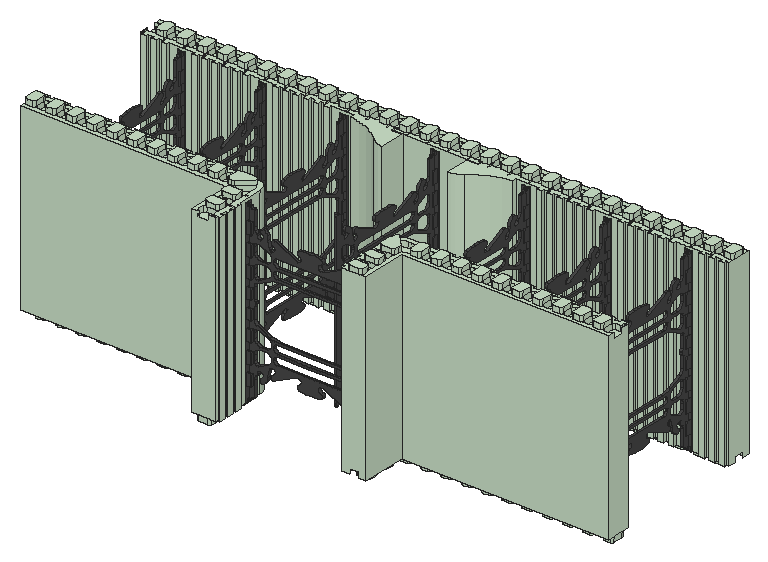
Revit family (continued)
Definition of nested family "12-inch Insert Web"
  Forms (mm)
    Extrusion 2, solid, material "High Density Polystyrene"
      sketch origin (0, 0, 0) x (0, 1, 0) y (0, 0, 1)
        loop
          arc (-76.789, 348.183) -> (-80.328, 348.292) -> (-83.853, 348.621) r 57.15
          arc (-83.853, 348.621) -> (-88.43, 345.096) -> (-91.44, 340.166) r 15.855
          line (-91.44, 340.166) -> (-91.44, 336.966)
          arc (-91.44, 336.966) -> (-87.76, 331.136) -> (-81.935, 327.448) r 15.684
          line (-81.935, 327.448) -> (0, 327.448) -> (81.935, 327.448)
          arc (81.935, 327.448) -> (87.76, 331.136) -> (91.44, 336.966) r 15.684
          line (91.44, 336.966) -> (91.44, 340.166)
          arc (91.44, 340.166) -> (88.43, 345.096) -> (83.853, 348.621) r 15.855
          arc (83.853, 348.621) -> (80.328, 348.292) -> (76.789, 348.183) r 57.15
        loop
          arc (103.837, 354.882) -> (98.504, 350.196) -> (96.52, 343.38) r 12.7
          line (96.52, 343.38) -> (96.52, 340.138)
          arc (96.52, 340.138) -> (100.24, 331.158) -> (109.22, 327.438) r 12.7
          line (109.22, 327.438) -> (123.825, 327.438)
          arc (123.825, 327.438) -> (135.05, 332.088) -> (139.7, 343.313) r 15.875
          line (139.7, 343.313) -> (139.7, 356.692)
          arc (139.7, 356.692) -> (135.287, 364.729) -> (126.138, 365.319) r 9.525
          line (126.138, 365.319) -> (103.837, 354.882)
        loop
          arc (139.7, 306.991) -> (135.05, 318.216) -> (123.825, 322.866) r 15.875
          line (123.825, 322.866) -> (109.22, 322.866)
          arc (109.22, 322.866) -> (100.24, 319.146) -> (96.52, 310.166) r 12.7
          line (96.52, 310.166) -> (96.52, 306.925)
          arc (96.52, 306.925) -> (98.504, 300.108) -> (103.837, 295.422) r 12.7
          line (103.837, 295.422) -> (126.138, 284.985)
          arc (126.138, 284.985) -> (135.287, 285.575) -> (139.7, 293.612) r 9.525
          line (139.7, 293.612) -> (139.7, 306.991)
        loop
          arc (83.851, 301.696) -> (88.429, 305.221) -> (91.44, 310.152) r 15.855
          line (91.44, 310.152) -> (91.44, 313.351)
          arc (91.44, 313.351) -> (87.752, 319.188) -> (81.915, 322.876) r 15.684
          line (81.915, 322.876) -> (0, 322.876) -> (-81.915, 322.876)
          arc (-81.915, 322.876) -> (-87.752, 319.188) -> (-91.44, 313.351) r 15.684
          line (-91.44, 313.351) -> (-91.44, 310.152)
          arc (-91.44, 310.152) -> (-88.429, 305.221) -> (-83.851, 301.696) r 15.855
          arc (-83.851, 301.696) -> (-80.337, 302.022) -> (-76.81, 302.131) r 57.15
          line (-76.81, 302.131) -> (0, 302.131) -> (76.81, 302.131)
          arc (76.81, 302.131) -> (80.337, 302.022) -> (83.851, 301.696) r 57.15
        loop
          line (-103.837, 354.882) -> (-126.138, 365.319)
          arc (-126.138, 365.319) -> (-135.287, 364.729) -> (-139.7, 356.692) r 9.525
          line (-139.7, 356.692) -> (-139.7, 343.313)
          arc (-139.7, 343.313) -> (-135.05, 332.088) -> (-123.825, 327.438) r 15.875
          line (-123.825, 327.438) -> (-109.22, 327.438)
          arc (-109.22, 327.438) -> (-100.24, 331.158) -> (-96.52, 340.138) r 12.7
          line (-96.52, 340.138) -> (-96.52, 343.38)
          arc (-96.52, 343.38) -> (-98.504, 350.196) -> (-103.837, 354.882) r 12.7
        loop
          line (-139.7, 306.991) -> (-139.7, 293.612)
          arc (-139.7, 293.612) -> (-135.287, 285.575) -> (-126.138, 284.985) r 9.525
          line (-126.138, 284.985) -> (-103.837, 295.422)
          arc (-103.837, 295.422) -> (-98.504, 300.108) -> (-96.52, 306.925) r 12.7
          line (-96.52, 306.925) -> (-96.52, 310.166)
          arc (-96.52, 310.166) -> (-100.24, 319.146) -> (-109.22, 322.866) r 12.7
          line (-109.22, 322.866) -> (-123.825, 322.866)
          arc (-123.825, 322.866) -> (-135.05, 318.216) -> (-139.7, 306.991) r 15.875
      from 3.175 to -3.175
    Extrusion 3, solid, material "High Density Polystyrene"
      sketch origin (0, 0, 0) x (0, 1, 0) y (0, 0, 1)
        loop
          line (157.734, 410.919) -> (145.034, 410.919) -> (145.034, 380.439) -> (157.734, 380.439) -> (157.734, 410.919)
        loop
          line (157.734, 361.389) -> (145.034, 361.389) -> (145.034, 330.909) -> (157.734, 330.909) -> (157.734, 361.389)
        loop
          line (157.734, 311.859) -> (145.034, 311.859) -> (145.034, 281.379) -> (157.734, 281.379) -> (157.734, 311.859)
        loop
          line (157.734, 262.329) -> (145.034, 262.329) -> (145.034, 234.897) -> (157.734, 234.897) -> (157.734, 262.329)
        loop
          line (157.734, 215.847) -> (145.034, 215.847) -> (145.034, 188.415) -> (157.734, 188.415) -> (157.734, 215.847)
        loop
          line (157.734, 169.365) -> (145.034, 169.365) -> (145.034, 138.885) -> (157.734, 138.885) -> (157.734, 169.365)
        loop
          line (157.734, 119.835) -> (145.034, 119.835) -> (145.034, 89.355) -> (157.734, 89.355) -> (157.734, 119.835)
        loop
          line (157.734, 70.305) -> (145.034, 70.305) -> (145.034, 39.825) -> (157.734, 39.825) -> (157.734, 70.305)
        loop
          line (-157.734, 410.919) -> (-157.734, 380.439) -> (-145.034, 380.439) -> (-145.034, 410.919) -> (-157.734, 410.919)
        loop
          line (-157.734, 361.389) -> (-157.734, 330.909) -> (-145.034, 330.909) -> (-145.034, 361.389) -> (-157.734, 361.389)
        loop
          line (-157.734, 311.859) -> (-157.734, 281.379) -> (-145.034, 281.379) -> (-145.034, 311.859) -> (-157.734, 311.859)
        loop
          line (-157.734, 262.329) -> (-157.734, 234.897) -> (-145.034, 234.897) -> (-145.034, 262.329) -> (-157.734, 262.329)
        loop
          line (-157.734, 215.847) -> (-157.734, 188.415) -> (-145.034, 188.415) -> (-145.034, 215.847) -> (-157.734, 215.847)
        loop
          line (-157.734, 169.365) -> (-157.734, 138.885) -> (-145.034, 138.885) -> (-145.034, 169.365) -> (-157.734, 169.365)
        loop
          line (-157.734, 119.835) -> (-157.734, 89.355) -> (-145.034, 89.355) -> (-145.034, 119.835) -> (-157.734, 119.835)
        loop
          line (-157.734, 70.305) -> (-157.734, 39.825) -> (-145.034, 39.825) -> (-145.034, 70.305) -> (-157.734, 70.305)
      from 6.35 to -6.35
    Extrusion 4, void
      sketch origin (0, 76.2, 0) x (1, 0, 0) y (0, 1, 0)
        loop
          line (-6.35, 70.929) -> (-6.35, 68.834) -> (-4.255, 68.834)
          arc (-4.255, 68.834) -> (-5.736, 69.448) -> (-6.35, 70.929) r 2.095
      from 0 to 457.2
    Extrusion 5, void
      sketch origin (0, 76.2, 0) x (-1, 0, 0) y (0, -1, 0)
        loop
          arc (-6.35, -70.929) -> (-5.736, -69.448) -> (-4.255, -68.834) r 2.095
          line (-4.255, -68.834) -> (-6.35, -68.834) -> (-6.35, -70.929)
      from 0 to 457.2
    Extrusion 6, void
      sketch origin (0, -76.2, 0) x (1, 0, 0) y (0, 1, 0)
        loop
          arc (-6.35, -70.929) -> (-5.736, -69.448) -> (-4.255, -68.834) r 2.095
          line (-4.255, -68.834) -> (-6.35, -68.834) -> (-6.35, -70.929)
      from 0 to 457.2
    Extrusion 7, void
      sketch origin (0, -76.2, 0) x (-1, 0, 0) y (0, -1, 0)
        loop
          line (-6.35, 70.929) -> (-6.35, 68.834) -> (-4.255, 68.834)
          arc (-4.255, 68.834) -> (-5.736, 69.448) -> (-6.35, 70.929) r 2.095
      from 0 to 457.2
  Cuts and joins
    Extrusion 4, Extrusion 5, Extrusion 6, Extrusion 7 cuts Extrusion 1
    Extrusion 4, Extrusion 5, Extrusion 6, Extrusion 7 cuts Extrusion 3
Definition of nested family "NUDURA Diamond Pattern Missing Two Lines"
  Reference planes
    plane 1 "Center (Front/Back)": y = 0
    plane 2: z = 0
    plane 3 "Center (Left/Right)": x = 0
    plane 4: z = 457.2
  Lines and regions (mm)
    model lines
      curve 1: line (50.8, -142.875, 457.2) -> (50.8, -142.875, 0)
      curve 2: line (85.183, -142.875, 431.415) -> (93.906, -142.875, 422.692)
      curve 3: arc (85.183, -142.875, 444.885) -> (82.394, -142.875, 438.15) -> (85.183, -142.875, 431.415) r 9.525
      curve 4: line (94.708, -142.875, 454.41) -> (85.183, -142.875, 444.885)
      curve 5: arc (108.179, -142.875, 454.41) -> (101.444, -142.875, 457.2) -> (94.708, -142.875, 454.41) r 9.525
      curve 6: line (117.704, -142.875, 444.885) -> (108.179, -142.875, 454.41)
      curve 7: arc (117.704, -142.875, 431.415) -> (120.494, -142.875, 438.15) -> (117.704, -142.875, 444.885) r 9.525
      curve 8: line (108.981, -142.875, 422.692) -> (117.704, -142.875, 431.415)
      curve 9: arc (105.934, -142.875, 452.165) -> (101.444, -142.875, 454.025) -> (96.953, -142.875, 452.165) r 6.35
      curve 10: line (115.459, -142.875, 442.64) -> (105.934, -142.875, 452.165)
      curve 11: arc (115.459, -142.875, 433.66) -> (117.319, -142.875, 438.15) -> (115.459, -142.875, 442.64) r 6.35
      curve 12: line (105.934, -142.875, 424.135) -> (115.459, -142.875, 433.66)
      curve 13: arc (96.953, -142.875, 424.135) -> (101.444, -142.875, 422.275) -> (105.934, -142.875, 424.135) r 6.35
      curve 14: line (87.428, -142.875, 433.66) -> (96.953, -142.875, 424.135)
      curve 15: arc (87.428, -142.875, 442.64) -> (85.569, -142.875, 438.15) -> (87.428, -142.875, 433.66) r 6.35
      curve 16: line (96.953, -142.875, 452.165) -> (87.428, -142.875, 442.64)
      curve 17: arc (93.906, -142.875, 415.508) -> (95.394, -142.875, 419.1) -> (93.906, -142.875, 422.692) r 5.08
      curve 18: line (117.704, -142.875, 406.785) -> (108.981, -142.875, 415.508)
      curve 19: arc (117.704, -142.875, 393.315) -> (120.494, -142.875, 400.05) -> (117.704, -142.875, 406.785) r 9.525
      curve 20: line (108.981, -142.875, 384.592) -> (117.704, -142.875, 393.315)
      curve 21: line (85.183, -142.875, 393.315) -> (93.906, -142.875, 384.592)
      curve 22: arc (85.183, -142.875, 406.785) -> (82.394, -142.875, 400.05) -> (85.183, -142.875, 393.315) r 9.525
      curve 23: line (93.906, -142.875, 415.508) -> (85.183, -142.875, 406.785)
      curve 24: arc (105.934, -142.875, 414.065) -> (101.444, -142.875, 415.925) -> (96.953, -142.875, 414.065) r 6.35
      curve 25: line (96.953, -142.875, 414.065) -> (87.428, -142.875, 404.54)
      curve 26: arc (87.428, -142.875, 404.54) -> (85.569, -142.875, 400.05) -> (87.428, -142.875, 395.56) r 6.35
      curve 27: line (87.428, -142.875, 395.56) -> (96.953, -142.875, 386.035)
      curve 28: arc (96.953, -142.875, 386.035) -> (101.444, -142.875, 384.175) -> (105.934, -142.875, 386.035) r 6.35
      curve 29: line (105.934, -142.875, 386.035) -> (115.459, -142.875, 395.56)
      curve 30: arc (115.459, -142.875, 395.56) -> (117.319, -142.875, 400.05) -> (115.459, -142.875, 404.54) r 6.35
      curve 31: line (115.459, -142.875, 404.54) -> (105.934, -142.875, 414.065)
      curve 32: arc (93.906, -142.875, 377.408) -> (95.394, -142.875, 381) -> (93.906, -142.875, 384.592) r 5.08
      curve 33: line (117.704, -142.875, 368.685) -> (108.981, -142.875, 377.408)
      curve 34: arc (117.704, -142.875, 355.215) -> (120.494, -142.875, 361.95) -> (117.704, -142.875, 368.685) r 9.525
      curve 35: line (108.981, -142.875, 346.492) -> (117.704, -142.875, 355.215)
      curve 36: line (85.183, -142.875, 355.215) -> (93.906, -142.875, 346.492)
      curve 37: arc (85.183, -142.875, 368.685) -> (82.394, -142.875, 361.95) -> (85.183, -142.875, 355.215) r 9.525
      curve 38: line (93.906, -142.875, 377.408) -> (85.183, -142.875, 368.685)
      curve 39: arc (105.934, -142.875, 375.965) -> (101.444, -142.875, 377.825) -> (96.953, -142.875, 375.965) r 6.35
      curve 40: line (96.953, -142.875, 375.965) -> (87.428, -142.875, 366.44)
      curve 41: arc (87.428, -142.875, 366.44) -> (85.569, -142.875, 361.95) -> (87.428, -142.875, 357.46) r 6.35
      curve 42: line (87.428, -142.875, 357.46) -> (96.953, -142.875, 347.935)
      curve 43: arc (96.953, -142.875, 347.935) -> (101.444, -142.875, 346.075) -> (105.934, -142.875, 347.935) r 6.35
      curve 44: line (105.934, -142.875, 347.935) -> (115.459, -142.875, 357.46)
      curve 45: arc (115.459, -142.875, 357.46) -> (117.319, -142.875, 361.95) -> (115.459, -142.875, 366.44) r 6.35
      curve 46: line (115.459, -142.875, 366.44) -> (105.934, -142.875, 375.965)
      curve 47: arc (93.906, -142.875, 339.308) -> (95.394, -142.875, 342.9) -> (93.906, -142.875, 346.492) r 5.08
      curve 48: line (117.704, -142.875, 330.585) -> (108.981, -142.875, 339.308)
      curve 49: arc (117.704, -142.875, 317.115) -> (120.494, -142.875, 323.85) -> (117.704, -142.875, 330.585) r 9.525
      curve 50: line (108.981, -142.875, 308.392) -> (117.704, -142.875, 317.115)
      curve 51: line (85.183, -142.875, 317.115) -> (93.906, -142.875, 308.392)
      curve 52: arc (85.183, -142.875, 330.585) -> (82.394, -142.875, 323.85) -> (85.183, -142.875, 317.115) r 9.525
      curve 53: line (93.906, -142.875, 339.308) -> (85.183, -142.875, 330.585)
      curve 54: arc (105.934, -142.875, 337.865) -> (101.444, -142.875, 339.725) -> (96.953, -142.875, 337.865) r 6.35
      curve 55: line (96.953, -142.875, 337.865) -> (87.428, -142.875, 328.34)
      curve 56: arc (87.428, -142.875, 328.34) -> (85.569, -142.875, 323.85) -> (87.428, -142.875, 319.36) r 6.35
      curve 57: line (87.428, -142.875, 319.36) -> (96.953, -142.875, 309.835)
      curve 58: arc (96.953, -142.875, 309.835) -> (101.444, -142.875, 307.975) -> (105.934, -142.875, 309.835) r 6.35
      curve 59: line (105.934, -142.875, 309.835) -> (115.459, -142.875, 319.36)
      curve 60: arc (115.459, -142.875, 319.36) -> (117.319, -142.875, 323.85) -> (115.459, -142.875, 328.34) r 6.35
      curve 61: line (115.459, -142.875, 328.34) -> (105.934, -142.875, 337.865)
      curve 62: arc (93.906, -142.875, 301.208) -> (95.394, -142.875, 304.8) -> (93.906, -142.875, 308.392) r 5.08
      curve 63: line (117.704, -142.875, 292.485) -> (108.981, -142.875, 301.208)
      curve 64: arc (117.704, -142.875, 279.015) -> (120.494, -142.875, 285.75) -> (117.704, -142.875, 292.485) r 9.525
      curve 65: line (108.981, -142.875, 270.292) -> (117.704, -142.875, 279.015)
      curve 66: line (85.183, -142.875, 279.015) -> (93.906, -142.875, 270.292)
      curve 67: arc (85.183, -142.875, 292.485) -> (82.394, -142.875, 285.75) -> (85.183, -142.875, 279.015) r 9.525
      curve 68: line (93.906, -142.875, 301.208) -> (85.183, -142.875, 292.485)
      curve 69: arc (105.934, -142.875, 299.765) -> (101.444, -142.875, 301.625) -> (96.953, -142.875, 299.765) r 6.35
      curve 70: line (96.953, -142.875, 299.765) -> (87.428, -142.875, 290.24)
      curve 71: arc (87.428, -142.875, 290.24) -> (85.569, -142.875, 285.75) -> (87.428, -142.875, 281.26) r 6.35
      curve 72: line (87.428, -142.875, 281.26) -> (96.953, -142.875, 271.735)
      curve 73: arc (96.953, -142.875, 271.735) -> (101.444, -142.875, 269.875) -> (105.934, -142.875, 271.735) r 6.35
      curve 74: line (105.934, -142.875, 271.735) -> (115.459, -142.875, 281.26)
      curve 75: arc (115.459, -142.875, 281.26) -> (117.319, -142.875, 285.75) -> (115.459, -142.875, 290.24) r 6.35
      curve 76: line (115.459, -142.875, 290.24) -> (105.934, -142.875, 299.765)
      curve 77: arc (93.906, -142.875, 263.108) -> (95.394, -142.875, 266.7) -> (93.906, -142.875, 270.292) r 5.08
      curve 78: line (117.704, -142.875, 254.385) -> (108.981, -142.875, 263.108)
      curve 79: arc (117.704, -142.875, 240.915) -> (120.494, -142.875, 247.65) -> (117.704, -142.875, 254.385) r 9.525
      curve 80: line (108.981, -142.875, 232.192) -> (117.704, -142.875, 240.915)
      curve 81: line (85.183, -142.875, 240.915) -> (93.906, -142.875, 232.192)
      curve 82: arc (85.183, -142.875, 254.385) -> (82.394, -142.875, 247.65) -> (85.183, -142.875, 240.915) r 9.525
      curve 83: line (93.906, -142.875, 263.108) -> (85.183, -142.875, 254.385)
      curve 84: arc (105.934, -142.875, 261.665) -> (101.444, -142.875, 263.525) -> (96.953, -142.875, 261.665) r 6.35
      curve 85: line (96.953, -142.875, 261.665) -> (87.428, -142.875, 252.14)
      curve 86: arc (87.428, -142.875, 252.14) -> (85.569, -142.875, 247.65) -> (87.428, -142.875, 243.16) r 6.35
      curve 87: line (87.428, -142.875, 243.16) -> (96.953, -142.875, 233.635)
      curve 88: arc (96.953, -142.875, 233.635) -> (101.444, -142.875, 231.775) -> (105.934, -142.875, 233.635) r 6.35
      curve 89: line (105.934, -142.875, 233.635) -> (115.459, -142.875, 243.16)
      curve 90: arc (115.459, -142.875, 243.16) -> (117.319, -142.875, 247.65) -> (115.459, -142.875, 252.14) r 6.35
      curve 91: line (115.459, -142.875, 252.14) -> (105.934, -142.875, 261.665)
      curve 92: arc (93.906, -142.875, 225.008) -> (95.394, -142.875, 228.6) -> (93.906, -142.875, 232.192) r 5.08
      curve 93: line (117.704, -142.875, 216.285) -> (108.981, -142.875, 225.008)
      curve 94: arc (117.704, -142.875, 202.815) -> (120.494, -142.875, 209.55) -> (117.704, -142.875, 216.285) r 9.525
      curve 95: line (108.981, -142.875, 194.092) -> (117.704, -142.875, 202.815)
      curve 96: line (85.183, -142.875, 202.815) -> (93.906, -142.875, 194.092)
      curve 97: arc (85.183, -142.875, 216.285) -> (82.394, -142.875, 209.55) -> (85.183, -142.875, 202.815) r 9.525
      curve 98: line (93.906, -142.875, 225.008) -> (85.183, -142.875, 216.285)
      curve 99: arc (105.934, -142.875, 223.565) -> (101.444, -142.875, 225.425) -> (96.953, -142.875, 223.565) r 6.35
      curve 100: line (96.953, -142.875, 223.565) -> (87.428, -142.875, 214.04)
      curve 101: arc (87.428, -142.875, 214.04) -> (85.569, -142.875, 209.55) -> (87.428, -142.875, 205.06) r 6.35
      curve 102: line (87.428, -142.875, 205.06) -> (96.953, -142.875, 195.535)
      curve 103: arc (96.953, -142.875, 195.535) -> (101.444, -142.875, 193.675) -> (105.934, -142.875, 195.535) r 6.35
      curve 104: line (105.934, -142.875, 195.535) -> (115.459, -142.875, 205.06)
      curve 105: arc (115.459, -142.875, 205.06) -> (117.319, -142.875, 209.55) -> (115.459, -142.875, 214.04) r 6.35
      curve 106: line (115.459, -142.875, 214.04) -> (105.934, -142.875, 223.565)
      curve 107: arc (93.906, -142.875, 186.908) -> (95.394, -142.875, 190.5) -> (93.906, -142.875, 194.092) r 5.08
      curve 108: line (117.704, -142.875, 178.185) -> (108.981, -142.875, 186.908)
      curve 109: arc (117.704, -142.875, 164.715) -> (120.494, -142.875, 171.45) -> (117.704, -142.875, 178.185) r 9.525
      curve 110: line (108.981, -142.875, 155.992) -> (117.704, -142.875, 164.715)
      curve 111: line (85.183, -142.875, 164.715) -> (93.906, -142.875, 155.992)
      curve 112: arc (85.183, -142.875, 178.185) -> (82.394, -142.875, 171.45) -> (85.183, -142.875, 164.715) r 9.525
      curve 113: line (93.906, -142.875, 186.908) -> (85.183, -142.875, 178.185)
      curve 114: arc (105.934, -142.875, 185.465) -> (101.444, -142.875, 187.325) -> (96.953, -142.875, 185.465) r 6.35
      curve 115: line (96.953, -142.875, 185.465) -> (87.428, -142.875, 175.94)
      curve 116: arc (87.428, -142.875, 175.94) -> (85.569, -142.875, 171.45) -> (87.428, -142.875, 166.96) r 6.35
      curve 117: line (87.428, -142.875, 166.96) -> (96.953, -142.875, 157.435)
      curve 118: arc (96.953, -142.875, 157.435) -> (101.444, -142.875, 155.575) -> (105.934, -142.875, 157.435) r 6.35
      curve 119: line (105.934, -142.875, 157.435) -> (115.459, -142.875, 166.96)
      curve 120: arc (115.459, -142.875, 166.96) -> (117.319, -142.875, 171.45) -> (115.459, -142.875, 175.94) r 6.35
      curve 121: line (115.459, -142.875, 175.94) -> (105.934, -142.875, 185.465)
      curve 122: arc (93.906, -142.875, 148.808) -> (95.394, -142.875, 152.4) -> (93.906, -142.875, 155.992) r 5.08
      curve 123: line (117.704, -142.875, 140.085) -> (108.981, -142.875, 148.808)
      curve 124: arc (117.704, -142.875, 126.615) -> (120.494, -142.875, 133.35) -> (117.704, -142.875, 140.085) r 9.525
      curve 125: line (108.981, -142.875, 117.892) -> (117.704, -142.875, 126.615)
      curve 126: line (85.183, -142.875, 126.615) -> (93.906, -142.875, 117.892)
      curve 127: arc (85.183, -142.875, 140.085) -> (82.394, -142.875, 133.35) -> (85.183, -142.875, 126.615) r 9.525
      curve 128: line (93.906, -142.875, 148.808) -> (85.183, -142.875, 140.085)
      curve 129: arc (105.934, -142.875, 147.365) -> (101.444, -142.875, 149.225) -> (96.953, -142.875, 147.365) r 6.35
      curve 130: line (96.953, -142.875, 147.365) -> (87.428, -142.875, 137.84)
      curve 131: arc (87.428, -142.875, 137.84) -> (85.569, -142.875, 133.35) -> (87.428, -142.875, 128.86) r 6.35
      curve 132: line (87.428, -142.875, 128.86) -> (96.953, -142.875, 119.335)
      curve 133: arc (96.953, -142.875, 119.335) -> (101.444, -142.875, 117.475) -> (105.934, -142.875, 119.335) r 6.35
      curve 134: line (105.934, -142.875, 119.335) -> (115.459, -142.875, 128.86)
      curve 135: arc (115.459, -142.875, 128.86) -> (117.319, -142.875, 133.35) -> (115.459, -142.875, 137.84) r 6.35
      curve 136: line (115.459, -142.875, 137.84) -> (105.934, -142.875, 147.365)
      curve 137: arc (93.906, -142.875, 110.708) -> (95.394, -142.875, 114.3) -> (93.906, -142.875, 117.892) r 5.08
      curve 138: line (117.704, -142.875, 101.985) -> (108.981, -142.875, 110.708)
      curve 139: arc (117.704, -142.875, 88.515) -> (120.494, -142.875, 95.25) -> (117.704, -142.875, 101.985) r 9.525
      curve 140: line (108.981, -142.875, 79.792) -> (117.704, -142.875, 88.515)
      curve 141: line (85.183, -142.875, 88.515) -> (93.906, -142.875, 79.792)
      curve 142: arc (85.183, -142.875, 101.985) -> (82.394, -142.875, 95.25) -> (85.183, -142.875, 88.515) r 9.525
      curve 143: line (93.906, -142.875, 110.708) -> (85.183, -142.875, 101.985)
      curve 144: arc (105.934, -142.875, 109.265) -> (101.444, -142.875, 111.125) -> (96.953, -142.875, 109.265) r 6.35
      curve 145: line (96.953, -142.875, 109.265) -> (87.428, -142.875, 99.74)
      curve 146: arc (87.428, -142.875, 99.74) -> (85.569, -142.875, 95.25) -> (87.428, -142.875, 90.76) r 6.35
      curve 147: line (87.428, -142.875, 90.76) -> (96.953, -142.875, 81.235)
      curve 148: arc (96.953, -142.875, 81.235) -> (101.444, -142.875, 79.375) -> (105.934, -142.875, 81.235) r 6.35
      curve 149: line (105.934, -142.875, 81.235) -> (115.459, -142.875, 90.76)
      curve 150: arc (115.459, -142.875, 90.76) -> (117.319, -142.875, 95.25) -> (115.459, -142.875, 99.74) r 6.35
      curve 151: line (115.459, -142.875, 99.74) -> (105.934, -142.875, 109.265)
      curve 152: arc (93.906, -142.875, 72.608) -> (95.394, -142.875, 76.2) -> (93.906, -142.875, 79.792) r 5.08
      curve 153: line (117.704, -142.875, 63.885) -> (108.981, -142.875, 72.608)
      curve 154: arc (117.704, -142.875, 50.415) -> (120.494, -142.875, 57.15) -> (117.704, -142.875, 63.885) r 9.525
      curve 155: line (108.981, -142.875, 41.692) -> (117.704, -142.875, 50.415)
      curve 156: line (85.183, -142.875, 50.415) -> (93.906, -142.875, 41.692)
      curve 157: arc (85.183, -142.875, 63.885) -> (82.394, -142.875, 57.15) -> (85.183, -142.875, 50.415) r 9.525
      curve 158: line (93.906, -142.875, 72.608) -> (85.183, -142.875, 63.885)
      curve 159: arc (105.934, -142.875, 71.165) -> (101.444, -142.875, 73.025) -> (96.953, -142.875, 71.165) r 6.35
      curve 160: line (96.953, -142.875, 71.165) -> (87.428, -142.875, 61.64)
      curve 161: arc (87.428, -142.875, 61.64) -> (85.569, -142.875, 57.15) -> (87.428, -142.875, 52.66) r 6.35
      curve 162: line (87.428, -142.875, 52.66) -> (96.953, -142.875, 43.135)
      curve 163: arc (96.953, -142.875, 43.135) -> (101.444, -142.875, 41.275) -> (105.934, -142.875, 43.135) r 6.35
      curve 164: line (105.934, -142.875, 43.135) -> (115.459, -142.875, 52.66)
      curve 165: arc (115.459, -142.875, 52.66) -> (117.319, -142.875, 57.15) -> (115.459, -142.875, 61.64) r 6.35
      curve 166: line (115.459, -142.875, 61.64) -> (105.934, -142.875, 71.165)
      curve 167: arc (93.906, -142.875, 34.508) -> (95.394, -142.875, 38.1) -> (93.906, -142.875, 41.692) r 5.08
      curve 168: line (93.906, -142.875, 34.508) -> (85.183, -142.875, 25.785)
      curve 169: arc (85.183, -142.875, 25.785) -> (82.394, -142.875, 19.05) -> (85.183, -142.875, 12.315) r 9.525
      curve 170: line (85.183, -142.875, 12.315) -> (94.708, -142.875, 2.79)
      curve 171: arc (94.708, -142.875, 2.79) -> (101.444, -142.875, 0) -> (108.179, -142.875, 2.79) r 9.525
      curve 172: line (108.179, -142.875, 2.79) -> (117.704, -142.875, 12.315)
      curve 173: arc (117.704, -142.875, 12.315) -> (120.494, -142.875, 19.05) -> (117.704, -142.875, 25.785) r 9.525
      curve 174: line (117.704, -142.875, 25.785) -> (108.981, -142.875, 34.508)
      curve 175: arc (108.981, -142.875, 41.692) -> (107.493, -142.875, 38.1) -> (108.981, -142.875, 34.508) r 5.08
      curve 176: arc (105.934, -142.875, 33.065) -> (101.444, -142.875, 34.925) -> (96.953, -142.875, 33.065) r 6.35
      curve 177: line (115.459, -142.875, 23.54) -> (105.934, -142.875, 33.065)
      curve 178: arc (115.459, -142.875, 14.56) -> (117.319, -142.875, 19.05) -> (115.459, -142.875, 23.54) r 6.35
      curve 179: line (105.934, -142.875, 5.035) -> (115.459, -142.875, 14.56)
      curve 180: arc (96.953, -142.875, 5.035) -> (101.444, -142.875, 3.175) -> (105.934, -142.875, 5.035) r 6.35
      curve 181: line (87.428, -142.875, 14.56) -> (96.953, -142.875, 5.035)
      curve 182: arc (87.428, -142.875, 23.54) -> (85.569, -142.875, 19.05) -> (87.428, -142.875, 14.56) r 6.35
      curve 183: line (96.953, -142.875, 33.065) -> (87.428, -142.875, 23.54)
      curve 184: arc (108.981, -142.875, 79.792) -> (107.493, -142.875, 76.2) -> (108.981, -142.875, 72.608) r 5.08
      curve 185: arc (108.981, -142.875, 117.892) -> (107.493, -142.875, 114.3) -> (108.981, -142.875, 110.708) r 5.08
      curve 186: arc (108.981, -142.875, 155.992) -> (107.493, -142.875, 152.4) -> (108.981, -142.875, 148.808) r 5.08
      curve 187: arc (108.981, -142.875, 194.092) -> (107.493, -142.875, 190.5) -> (108.981, -142.875, 186.908) r 5.08
      curve 188: arc (108.981, -142.875, 232.192) -> (107.493, -142.875, 228.6) -> (108.981, -142.875, 225.008) r 5.08
      curve 189: arc (108.981, -142.875, 270.292) -> (107.493, -142.875, 266.7) -> (108.981, -142.875, 263.108) r 5.08
      curve 190: arc (108.981, -142.875, 308.392) -> (107.493, -142.875, 304.8) -> (108.981, -142.875, 301.208) r 5.08
      curve 191: arc (108.981, -142.875, 346.492) -> (107.493, -142.875, 342.9) -> (108.981, -142.875, 339.308) r 5.08
      curve 192: arc (108.981, -142.875, 384.592) -> (107.493, -142.875, 381) -> (108.981, -142.875, 377.408) r 5.08
      curve 193: arc (108.981, -142.875, 422.692) -> (107.493, -142.875, 419.1) -> (108.981, -142.875, 415.508) r 5.08
Definition of nested family "NUDURA Logo Diamond"
  Reference planes
    plane 1 "Center (Front/Back)": y = 0
    plane 2: z = 0
    plane 3 "Center (Left/Right)": x = 0
  Lines and regions (mm)
    model lines
      curve 1: line (320.001, 0, 444.526) -> (311.021, 0, 453.507)
      curve 2: line (313.973, 0, 425.925) -> (320.001, 0, 431.954)
      curve 3: line (320.001, 0, 406.426) -> (313.973, 0, 412.455)
      curve 4: line (313.973, 0, 387.825) -> (320.001, 0, 393.854)
      curve 5: line (320.001, 0, 368.326) -> (313.973, 0, 374.355)
      curve 6: line (313.973, 0, 349.725) -> (320.001, 0, 355.754)
      curve 7: line (309.225, 0, 337.411) -> (322.887, 0, 323.749)
      curve 8: line (322.887, 0, 323.749) -> (324.683, 0, 325.545)
      curve 9: line (286.583, 0, 323.749) -> (300.245, 0, 337.411)
      curve 10: line (295.497, 0, 336.255) -> (284.787, 0, 325.545)
      curve 11: line (289.468, 0, 355.754) -> (295.497, 0, 349.725)
      curve 12: line (295.497, 0, 374.355) -> (289.468, 0, 368.326)
      curve 13: line (289.468, 0, 393.854) -> (295.497, 0, 387.825)
      curve 14: line (295.497, 0, 412.455) -> (289.468, 0, 406.426)
      curve 15: line (289.468, 0, 431.954) -> (295.497, 0, 425.925)
      curve 16: line (298.449, 0, 453.507) -> (289.468, 0, 444.526)
      curve 17: line (300.245, 0, 451.711) -> (291.265, 0, 442.73)
      curve 18: line (318.205, 0, 442.73) -> (309.225, 0, 451.711)
      curve 19: line (309.225, 0, 424.77) -> (318.205, 0, 433.75)
      curve 20: line (291.265, 0, 433.75) -> (300.245, 0, 424.77)
      curve 21: arc (289.468, 0, 444.526) -> (286.865, 0, 438.24) -> (289.468, 0, 431.954) r 8.89
      curve 22: arc (298.449, 0, 453.507) -> (304.735, 0, 456.111) -> (311.021, 0, 453.507) r 8.89
      curve 23: arc (291.265, 0, 442.73) -> (289.405, 0, 438.24) -> (291.265, 0, 433.75) r 6.35
      curve 24: arc (318.205, 0, 442.73) -> (320.065, 0, 438.24) -> (318.205, 0, 433.75) r 6.35
      curve 25: arc (309.225, 0, 424.77) -> (304.735, 0, 422.91) -> (300.245, 0, 424.77) r 6.35
      curve 26: arc (300.245, 0, 451.711) -> (304.735, 0, 453.571) -> (309.225, 0, 451.711) r 6.35
      curve 27: arc (320.001, 0, 444.526) -> (322.605, 0, 438.24) -> (320.001, 0, 431.954) r 8.89
      curve 28: arc (295.497, 0, 425.925) -> (298.287, 0, 419.19) -> (295.497, 0, 412.455) r 9.525
      curve 29: arc (313.973, 0, 425.925) -> (311.183, 0, 419.19) -> (313.973, 0, 412.455) r 9.525
      curve 30: line (313.973, 0, 387.825) -> (320.001, 0, 393.854)
      curve 31: line (289.468, 0, 393.854) -> (295.497, 0, 387.825)
      curve 32: line (300.245, 0, 413.611) -> (291.265, 0, 404.63)
      curve 33: line (318.205, 0, 404.63) -> (309.225, 0, 413.611)
      curve 34: line (309.225, 0, 386.67) -> (318.205, 0, 395.65)
      curve 35: line (291.265, 0, 395.65) -> (300.245, 0, 386.67)
      curve 36: arc (289.468, 0, 406.426) -> (286.865, 0, 400.14) -> (289.468, 0, 393.854) r 8.89
      curve 37: arc (291.265, 0, 404.63) -> (289.405, 0, 400.14) -> (291.265, 0, 395.65) r 6.35
      curve 38: arc (318.205, 0, 404.63) -> (320.065, 0, 400.14) -> (318.205, 0, 395.65) r 6.35
      curve 39: arc (309.225, 0, 386.67) -> (304.735, 0, 384.81) -> (300.245, 0, 386.67) r 6.35
      curve 40: arc (300.245, 0, 413.611) -> (304.735, 0, 415.471) -> (309.225, 0, 413.611) r 6.35
      curve 41: arc (320.001, 0, 406.426) -> (322.605, 0, 400.14) -> (320.001, 0, 393.854) r 8.89
      curve 42: line (295.497, 0, 412.455) -> (289.468, 0, 406.426)
      curve 43: line (320.001, 0, 406.426) -> (313.973, 0, 412.455)
      curve 44: arc (295.497, 0, 387.825) -> (298.287, 0, 381.09) -> (295.497, 0, 374.355) r 9.525
      curve 45: arc (313.973, 0, 387.825) -> (311.183, 0, 381.09) -> (313.973, 0, 374.355) r 9.525
      curve 46: line (313.973, 0, 349.725) -> (320.001, 0, 355.754)
      curve 47: line (289.468, 0, 355.754) -> (295.497, 0, 349.725)
      curve 48: line (300.245, 0, 375.511) -> (291.265, 0, 366.53)
      curve 49: line (318.205, 0, 366.53) -> (309.225, 0, 375.511)
      curve 50: line (309.225, 0, 348.57) -> (318.205, 0, 357.55)
      curve 51: line (291.265, 0, 357.55) -> (300.245, 0, 348.57)
      curve 52: arc (289.468, 0, 368.326) -> (286.865, 0, 362.04) -> (289.468, 0, 355.754) r 8.89
      curve 53: arc (291.265, 0, 366.53) -> (289.405, 0, 362.04) -> (291.265, 0, 357.55) r 6.35
      curve 54: arc (318.205, 0, 366.53) -> (320.065, 0, 362.04) -> (318.205, 0, 357.55) r 6.35
      curve 55: arc (309.225, 0, 348.57) -> (304.735, 0, 346.71) -> (300.245, 0, 348.57) r 6.35
      curve 56: arc (300.245, 0, 375.511) -> (304.735, 0, 377.371) -> (309.225, 0, 375.511) r 6.35
      curve 57: arc (320.001, 0, 368.326) -> (322.605, 0, 362.04) -> (320.001, 0, 355.754) r 8.89
      curve 58: line (295.497, 0, 374.355) -> (289.468, 0, 368.326)
      curve 59: arc (295.497, 0, 349.725) -> (298.287, 0, 342.99) -> (295.497, 0, 336.255) r 9.525
      curve 60: arc (313.973, 0, 349.725) -> (311.183, 0, 342.99) -> (313.973, 0, 336.255) r 9.525
      curve 61: line (324.683, 0, 325.545) -> (313.973, 0, 336.255)
      curve 62: line (284.787, 0, 325.545) -> (286.583, 0, 323.749)
      curve 63: arc (300.245, 0, 337.411) -> (304.735, 0, 339.271) -> (309.225, 0, 337.411) r 6.35
      curve 64: line (320.001, 0, 12.854) -> (311.021, 0, 3.874)
      curve 65: line (313.973, 0, 31.455) -> (320.001, 0, 25.426)
      curve 66: line (320.001, 0, 50.954) -> (313.973, 0, 44.925)
      curve 67: line (313.973, 0, 69.555) -> (320.001, 0, 63.526)
      curve 68: line (320.001, 0, 89.054) -> (313.973, 0, 83.025)
      curve 69: line (313.973, 0, 107.655) -> (320.001, 0, 101.626)
      curve 70: line (309.225, 0, 119.97) -> (322.887, 0, 133.632)
      curve 71: line (322.887, 0, 133.632) -> (324.683, 0, 131.836)
      curve 72: line (286.583, 0, 133.632) -> (300.245, 0, 119.97)
      curve 73: line (295.497, 0, 121.125) -> (284.787, 0, 131.836)
      curve 74: line (289.468, 0, 101.626) -> (295.497, 0, 107.655)
      curve 75: line (295.497, 0, 83.025) -> (289.468, 0, 89.054)
      curve 76: line (289.468, 0, 63.526) -> (295.497, 0, 69.555)
      curve 77: line (295.497, 0, 44.925) -> (289.468, 0, 50.954)
      curve 78: line (289.468, 0, 25.426) -> (295.497, 0, 31.455)
      curve 79: line (298.449, 0, 3.874) -> (289.468, 0, 12.854)
      curve 80: line (300.245, 0, 5.67) -> (291.265, 0, 14.65)
      curve 81: line (318.205, 0, 14.65) -> (309.225, 0, 5.67)
      curve 82: line (309.225, 0, 32.611) -> (318.205, 0, 23.63)
      curve 83: line (291.265, 0, 23.63) -> (300.245, 0, 32.611)
      curve 84: arc (289.468, 0, 12.854) -> (286.865, 0, 19.14) -> (289.468, 0, 25.426) r 8.89
      curve 85: arc (298.449, 0, 3.874) -> (304.735, 0, 1.27) -> (311.021, 0, 3.874) r 8.89
      curve 86: arc (291.265, 0, 14.65) -> (289.405, 0, 19.14) -> (291.265, 0, 23.63) r 6.35
      curve 87: arc (318.205, 0, 14.65) -> (320.065, 0, 19.14) -> (318.205, 0, 23.63) r 6.35
      curve 88: arc (309.225, 0, 32.611) -> (304.735, 0, 34.471) -> (300.245, 0, 32.611) r 6.35
      curve 89: arc (300.245, 0, 5.67) -> (304.735, 0, 3.81) -> (309.225, 0, 5.67) r 6.35
      curve 90: arc (320.001, 0, 12.854) -> (322.605, 0, 19.14) -> (320.001, 0, 25.426) r 8.89
      curve 91: arc (295.497, 0, 31.455) -> (298.287, 0, 38.19) -> (295.497, 0, 44.925) r 9.525
      curve 92: arc (313.973, 0, 31.455) -> (311.183, 0, 38.19) -> (313.973, 0, 44.925) r 9.525
      curve 93: line (313.973, 0, 69.555) -> (320.001, 0, 63.526)
      curve 94: line (289.468, 0, 63.526) -> (295.497, 0, 69.555)
      curve 95: line (300.245, 0, 43.77) -> (291.265, 0, 52.75)
      curve 96: line (318.205, 0, 52.75) -> (309.225, 0, 43.77)
      curve 97: line (309.225, 0, 70.711) -> (318.205, 0, 61.73)
      curve 98: line (291.265, 0, 61.73) -> (300.245, 0, 70.711)
      curve 99: arc (289.468, 0, 50.954) -> (286.865, 0, 57.24) -> (289.468, 0, 63.526) r 8.89
      curve 100: arc (291.265, 0, 52.75) -> (289.405, 0, 57.24) -> (291.265, 0, 61.73) r 6.35
      curve 101: arc (318.205, 0, 52.75) -> (320.065, 0, 57.24) -> (318.205, 0, 61.73) r 6.35
      curve 102: arc (309.225, 0, 70.711) -> (304.735, 0, 72.571) -> (300.245, 0, 70.711) r 6.35
      curve 103: arc (300.245, 0, 43.77) -> (304.735, 0, 41.91) -> (309.225, 0, 43.77) r 6.35
      curve 104: arc (320.001, 0, 50.954) -> (322.605, 0, 57.24) -> (320.001, 0, 63.526) r 8.89
      curve 105: line (295.497, 0, 44.925) -> (289.468, 0, 50.954)
      curve 106: line (320.001, 0, 50.954) -> (313.973, 0, 44.925)
      curve 107: arc (295.497, 0, 69.555) -> (298.287, 0, 76.29) -> (295.497, 0, 83.025) r 9.525
      curve 108: arc (313.973, 0, 69.555) -> (311.183, 0, 76.29) -> (313.973, 0, 83.025) r 9.525
      curve 109: line (313.973, 0, 107.655) -> (320.001, 0, 101.626)
      curve 110: line (289.468, 0, 101.626) -> (295.497, 0, 107.655)
      curve 111: line (300.245, 0, 81.87) -> (291.265, 0, 90.85)
      curve 112: line (318.205, 0, 90.85) -> (309.225, 0, 81.87)
      curve 113: line (309.225, 0, 108.811) -> (318.205, 0, 99.83)
      curve 114: line (291.265, 0, 99.83) -> (300.245, 0, 108.811)
      curve 115: arc (289.468, 0, 89.054) -> (286.865, 0, 95.34) -> (289.468, 0, 101.626) r 8.89
      curve 116: arc (291.265, 0, 90.85) -> (289.405, 0, 95.34) -> (291.265, 0, 99.83) r 6.35
      curve 117: arc (318.205, 0, 90.85) -> (320.065, 0, 95.34) -> (318.205, 0, 99.83) r 6.35
      curve 118: arc (309.225, 0, 108.811) -> (304.735, 0, 110.671) -> (300.245, 0, 108.811) r 6.35
      curve 119: arc (300.245, 0, 81.87) -> (304.735, 0, 80.01) -> (309.225, 0, 81.87) r 6.35
      curve 120: arc (320.001, 0, 89.054) -> (322.605, 0, 95.34) -> (320.001, 0, 101.626) r 8.89
      curve 121: line (295.497, 0, 83.025) -> (289.468, 0, 89.054)
      curve 122: arc (295.497, 0, 107.655) -> (298.287, 0, 114.39) -> (295.497, 0, 121.125) r 9.525
      curve 123: arc (313.973, 0, 107.655) -> (311.183, 0, 114.39) -> (313.973, 0, 121.125) r 9.525
      curve 124: line (324.683, 0, 131.836) -> (313.973, 0, 121.125)
      curve 125: line (284.787, 0, 131.836) -> (286.583, 0, 133.632)
      curve 126: arc (300.245, 0, 119.97) -> (304.735, 0, 118.11) -> (309.225, 0, 119.97) r 6.35
      curve 127: line (314.26, 0, 317.59) -> (295.21, 0, 317.59)
      curve 128: line (323.785, 0, 149.315) -> (323.785, 0, 308.065)
      curve 129: line (285.685, 0, 308.065) -> (285.685, 0, 149.315)
      curve 130: line (295.21, 0, 139.79) -> (314.26, 0, 139.79)
      curve 131: line (316.797, 0, 304.89) -> (305.798, 0, 311.24)
      curve 132: line (316.797, 0, 292.19) -> (316.797, 0, 304.89)
      curve 133: line (311.298, 0, 289.015) -> (316.797, 0, 292.19)
      curve 134: line (305.373, 0, 292.436) -> (311.298, 0, 289.015)
      curve 135: line (310.447, 0, 295.365) -> (305.373, 0, 292.436)
      curve 136: line (299.874, 0, 307.82) -> (310.447, 0, 301.715)
      curve 137: line (310.447, 0, 301.715) -> (310.447, 0, 295.365)
      curve 138: line (305.798, 0, 311.24) -> (299.874, 0, 307.82)
      curve 139: line (299.023, 0, 295.611) -> (304.097, 0, 298.54)
      curve 140: line (304.097, 0, 298.54) -> (298.172, 0, 301.961)
      curve 141: line (298.172, 0, 301.961) -> (292.673, 0, 298.786)
      curve 142: line (292.673, 0, 298.786) -> (292.673, 0, 286.086)
      curve 143: line (299.023, 0, 289.261) -> (299.023, 0, 295.611)
      curve 144: line (309.596, 0, 283.156) -> (299.023, 0, 289.261)
      curve 145: line (303.671, 0, 279.736) -> (309.596, 0, 283.156)
      curve 146: line (292.673, 0, 286.086) -> (303.671, 0, 279.736)
      curve 147: line (312.702, 0, 269.344) -> (296.768, 0, 272.912)
      curve 148: line (296.768, 0, 272.912) -> (296.768, 0, 267.036)
      curve 149: line (296.768, 0, 267.036) -> (308.089, 0, 264.517)
      curve 150: line (308.089, 0, 264.517) -> (296.768, 0, 260.949)
      curve 151: line (296.768, 0, 260.949) -> (296.768, 0, 251.084)
      curve 152: line (296.768, 0, 251.084) -> (309.138, 0, 248.314)
      curve 153: line (309.138, 0, 248.314) -> (309.138, 0, 247.516)
      curve 154: line (309.138, 0, 247.516) -> (301.281, 0, 248.991)
      curve 155: line (296.768, 0, 245.246) -> (296.768, 0, 237.71)
      curve 156: line (306.598, 0, 222.094) -> (306.598, 0, 228.599)
      curve 157: line (306.598, 0, 228.599) -> (296.768, 0, 230.786)
      curve 158: line (296.768, 0, 230.786) -> (296.768, 0, 215.343)
      curve 159: line (302.723, 0, 230.274) -> (312.702, 0, 228.039)
      curve 160: line (300.341, 0, 217.291) -> (300.341, 0, 223.486)
      curve 161: line (300.341, 0, 223.486) -> (306.598, 0, 222.094)
      curve 162: line (296.768, 0, 205.027) -> (296.768, 0, 197.49)
      curve 163: line (302.723, 0, 190.055) -> (310.162, 0, 188.389)
      curve 164: line (310.162, 0, 188.389) -> (310.162, 0, 176.633)
      curve 165: line (308.892, 0, 175.363) -> (307.868, 0, 175.363)
      curve 166: line (306.598, 0, 176.633) -> (306.598, 0, 180.004)
      curve 167: line (306.598, 0, 180.004) -> (307.868, 0, 179.719)
      curve 168: line (307.868, 0, 179.719) -> (307.868, 0, 186.3)
      curve 169: line (307.868, 0, 186.3) -> (296.768, 0, 188.785)
      curve 170: line (296.768, 0, 188.785) -> (296.768, 0, 182.205)
      curve 171: line (296.768, 0, 182.205) -> (304.058, 0, 180.572)
      curve 172: line (304.058, 0, 180.572) -> (304.058, 0, 177.654)
      curve 173: line (302.788, 0, 176.384) -> (296.768, 0, 176.384)
      curve 174: line (296.768, 0, 176.384) -> (296.768, 0, 164.003)
      curve 175: line (296.768, 0, 164.003) -> (299.284, 0, 162.219)
      curve 176: line (299.284, 0, 162.219) -> (299.284, 0, 153.715)
      curve 177: line (307.942, 0, 156.079) -> (301.824, 0, 160.418)
      curve 178: line (301.824, 0, 160.418) -> (301.824, 0, 154.409)
      curve 179: line (301.824, 0, 154.409) -> (307.942, 0, 156.079)
      curve 180: line (299.284, 0, 153.715) -> (296.768, 0, 153.028)
      curve 181: line (296.768, 0, 153.028) -> (296.768, 0, 146.14)
      curve 182: line (296.768, 0, 146.14) -> (312.702, 0, 150.491)
      curve 183: line (312.702, 0, 150.491) -> (312.702, 0, 159.713)
      curve 184: line (312.702, 0, 159.713) -> (298.767, 0, 169.594)
      curve 185: line (298.767, 0, 169.594) -> (302.342, 0, 169.594)
      curve 186: line (312.702, 0, 172.383) -> (312.702, 0, 193.945)
      curve 187: line (312.702, 0, 193.945) -> (302.326, 0, 196.268)
      curve 188: line (300.341, 0, 198.747) -> (300.341, 0, 201.381)
      curve 189: line (301.888, 0, 202.62) -> (312.702, 0, 200.199)
      curve 190: line (312.702, 0, 200.199) -> (312.702, 0, 206.628)
      curve 191: line (312.702, 0, 206.628) -> (306.843, 0, 207.728)
      curve 192: line (312.702, 0, 212.942) -> (312.702, 0, 227.241)
      curve 193: line (312.702, 0, 227.241) -> (309.138, 0, 228.034)
      curve 194: line (309.138, 0, 228.034) -> (309.138, 0, 217.291)
      curve 195: line (312.702, 0, 228.039) -> (312.702, 0, 234.164)
      curve 196: line (312.702, 0, 234.164) -> (302.326, 0, 236.488)
      curve 197: line (300.341, 0, 238.966) -> (300.341, 0, 241.6)
      curve 198: line (301.736, 0, 242.874) -> (312.702, 0, 240.418)
      curve 199: line (312.702, 0, 240.418) -> (312.702, 0, 253.611)
      curve 200: line (312.702, 0, 253.611) -> (302.429, 0, 255.912)
      curve 201: line (302.429, 0, 255.912) -> (312.702, 0, 259.27)
      curve 202: line (312.702, 0, 259.27) -> (312.702, 0, 269.344)
      curve 203: arc (296.768, 0, 245.246) -> (298.145, 0, 248.178) -> (301.281, 0, 248.991) r 3.81
      curve 204: arc (296.768, 0, 237.71) -> (298.44, 0, 232.946) -> (302.723, 0, 230.274) r 7.62
      curve 205: arc (300.842, 0, 208.826) -> (297.87, 0, 211.5) -> (296.768, 0, 215.343) r 7.251
      curve 206: arc (296.768, 0, 205.027) -> (297.979, 0, 207.812) -> (300.842, 0, 208.826) r 3.808
      curve 207: arc (296.768, 0, 197.49) -> (298.44, 0, 192.727) -> (302.723, 0, 190.055) r 7.62
      curve 208: arc (300.341, 0, 198.747) -> (300.898, 0, 197.159) -> (302.326, 0, 196.268) r 2.54
      curve 209: arc (300.341, 0, 201.381) -> (300.817, 0, 202.372) -> (301.888, 0, 202.62) r 1.27
      curve 210: arc (307.868, 0, 175.363) -> (306.969, 0, 175.735) -> (306.598, 0, 176.633) r 1.27
      curve 211: arc (308.892, 0, 175.363) -> (309.79, 0, 175.735) -> (310.162, 0, 176.633) r 1.27
      curve 212: arc (304.058, 0, 177.654) -> (303.686, 0, 176.756) -> (302.788, 0, 176.384) r 1.27
      curve 213: arc (302.342, 0, 169.594) -> (303.976, 0, 170.198) -> (304.826, 0, 171.718) r 2.516
      curve 214: arc (304.826, 0, 171.718) -> (309.07, 0, 168.432) -> (312.702, 0, 172.383) r 3.966
      curve 215: arc (306.843, 0, 207.728) -> (310.942, 0, 209.02) -> (312.702, 0, 212.942) r 5.249
      curve 216: arc (300.341, 0, 217.291) -> (304.739, 0, 212.893) -> (309.138, 0, 217.291) r 4.398
      curve 217: arc (300.341, 0, 238.966) -> (300.898, 0, 237.378) -> (302.326, 0, 236.488) r 2.54
      curve 218: arc (300.341, 0, 241.6) -> (300.886, 0, 242.648) -> (302.057, 0, 242.802) r 1.279
      curve 219: arc (285.685, 0, 308.065) -> (288.475, 0, 314.8) -> (295.21, 0, 317.59) r 9.525
      curve 220: arc (314.26, 0, 317.59) -> (320.995, 0, 314.8) -> (323.785, 0, 308.065) r 9.525
      curve 221: arc (285.685, 0, 149.315) -> (288.475, 0, 142.58) -> (295.21, 0, 139.79) r 9.525
      curve 222: arc (314.26, 0, 139.79) -> (320.995, 0, 142.58) -> (323.785, 0, 149.315) r 9.525
      curve 223: line (253.935, 0, 457.2) -> (253.935, 0, 0)
      curve 224: line (355.535, 0, 457.2) -> (355.535, 0, 0)
      curve 225: line (406.335, 0, 457.2) -> (406.335, 0, 0)
Definition of nested family "NUDURA Diamond Pattern"
  Reference planes
    plane 1 "Center (Front/Back)": y = 0
    plane 2: z = 0
    plane 3 "Center (Left/Right)": x = 0
    plane 4: z = 457.2
  Lines and regions (mm)
    model lines
      curve 1: line (203.2, -142.875, 457.2) -> (203.2, -142.875, 0)
      curve 2: line (152.4, -142.875, 457.2) -> (152.4, -142.875, 0)
      curve 3: line (50.8, -142.875, 457.2) -> (50.8, -142.875, 0)
      curve 4: line (85.183, -142.875, 431.415) -> (93.906, -142.875, 422.692)
      curve 5: arc (85.183, -142.875, 444.885) -> (82.394, -142.875, 438.15) -> (85.183, -142.875, 431.415) r 9.525
      curve 6: line (94.708, -142.875, 454.41) -> (85.183, -142.875, 444.885)
      curve 7: arc (108.179, -142.875, 454.41) -> (101.444, -142.875, 457.2) -> (94.708, -142.875, 454.41) r 9.525
      curve 8: line (117.704, -142.875, 444.885) -> (108.179, -142.875, 454.41)
      curve 9: arc (117.704, -142.875, 431.415) -> (120.494, -142.875, 438.15) -> (117.704, -142.875, 444.885) r 9.525
      curve 10: line (108.981, -142.875, 422.692) -> (117.704, -142.875, 431.415)
      curve 11: arc (105.934, -142.875, 452.165) -> (101.444, -142.875, 454.025) -> (96.953, -142.875, 452.165) r 6.35
      curve 12: line (115.459, -142.875, 442.64) -> (105.934, -142.875, 452.165)
      curve 13: arc (115.459, -142.875, 433.66) -> (117.319, -142.875, 438.15) -> (115.459, -142.875, 442.64) r 6.35
      curve 14: line (105.934, -142.875, 424.135) -> (115.459, -142.875, 433.66)
      curve 15: arc (96.953, -142.875, 424.135) -> (101.444, -142.875, 422.275) -> (105.934, -142.875, 424.135) r 6.35
      curve 16: line (87.428, -142.875, 433.66) -> (96.953, -142.875, 424.135)
      curve 17: arc (87.428, -142.875, 442.64) -> (85.569, -142.875, 438.15) -> (87.428, -142.875, 433.66) r 6.35
      curve 18: line (96.953, -142.875, 452.165) -> (87.428, -142.875, 442.64)
      curve 19: arc (93.906, -142.875, 415.508) -> (95.394, -142.875, 419.1) -> (93.906, -142.875, 422.692) r 5.08
      curve 20: line (117.704, -142.875, 406.785) -> (108.981, -142.875, 415.508)
      curve 21: arc (117.704, -142.875, 393.315) -> (120.494, -142.875, 400.05) -> (117.704, -142.875, 406.785) r 9.525
      curve 22: line (108.981, -142.875, 384.592) -> (117.704, -142.875, 393.315)
      curve 23: line (85.183, -142.875, 393.315) -> (93.906, -142.875, 384.592)
      curve 24: arc (85.183, -142.875, 406.785) -> (82.394, -142.875, 400.05) -> (85.183, -142.875, 393.315) r 9.525
      curve 25: line (93.906, -142.875, 415.508) -> (85.183, -142.875, 406.785)
      curve 26: arc (105.934, -142.875, 414.065) -> (101.444, -142.875, 415.925) -> (96.953, -142.875, 414.065) r 6.35
      curve 27: line (96.953, -142.875, 414.065) -> (87.428, -142.875, 404.54)
      curve 28: arc (87.428, -142.875, 404.54) -> (85.569, -142.875, 400.05) -> (87.428, -142.875, 395.56) r 6.35
      curve 29: line (87.428, -142.875, 395.56) -> (96.953, -142.875, 386.035)
      curve 30: arc (96.953, -142.875, 386.035) -> (101.444, -142.875, 384.175) -> (105.934, -142.875, 386.035) r 6.35
      curve 31: line (105.934, -142.875, 386.035) -> (115.459, -142.875, 395.56)
      curve 32: arc (115.459, -142.875, 395.56) -> (117.319, -142.875, 400.05) -> (115.459, -142.875, 404.54) r 6.35
      curve 33: line (115.459, -142.875, 404.54) -> (105.934, -142.875, 414.065)
      curve 34: arc (93.906, -142.875, 377.408) -> (95.394, -142.875, 381) -> (93.906, -142.875, 384.592) r 5.08
      curve 35: line (117.704, -142.875, 368.685) -> (108.981, -142.875, 377.408)
      curve 36: arc (117.704, -142.875, 355.215) -> (120.494, -142.875, 361.95) -> (117.704, -142.875, 368.685) r 9.525
      curve 37: line (108.981, -142.875, 346.492) -> (117.704, -142.875, 355.215)
      curve 38: line (85.183, -142.875, 355.215) -> (93.906, -142.875, 346.492)
      curve 39: arc (85.183, -142.875, 368.685) -> (82.394, -142.875, 361.95) -> (85.183, -142.875, 355.215) r 9.525
      curve 40: line (93.906, -142.875, 377.408) -> (85.183, -142.875, 368.685)
      curve 41: arc (105.934, -142.875, 375.965) -> (101.444, -142.875, 377.825) -> (96.953, -142.875, 375.965) r 6.35
      curve 42: line (96.953, -142.875, 375.965) -> (87.428, -142.875, 366.44)
      curve 43: arc (87.428, -142.875, 366.44) -> (85.569, -142.875, 361.95) -> (87.428, -142.875, 357.46) r 6.35
      curve 44: line (87.428, -142.875, 357.46) -> (96.953, -142.875, 347.935)
      curve 45: arc (96.953, -142.875, 347.935) -> (101.444, -142.875, 346.075) -> (105.934, -142.875, 347.935) r 6.35
      curve 46: line (105.934, -142.875, 347.935) -> (115.459, -142.875, 357.46)
      curve 47: arc (115.459, -142.875, 357.46) -> (117.319, -142.875, 361.95) -> (115.459, -142.875, 366.44) r 6.35
      curve 48: line (115.459, -142.875, 366.44) -> (105.934, -142.875, 375.965)
      curve 49: arc (93.906, -142.875, 339.308) -> (95.394, -142.875, 342.9) -> (93.906, -142.875, 346.492) r 5.08
      curve 50: line (117.704, -142.875, 330.585) -> (108.981, -142.875, 339.308)
      curve 51: arc (117.704, -142.875, 317.115) -> (120.494, -142.875, 323.85) -> (117.704, -142.875, 330.585) r 9.525
      curve 52: line (108.981, -142.875, 308.392) -> (117.704, -142.875, 317.115)
      curve 53: line (85.183, -142.875, 317.115) -> (93.906, -142.875, 308.392)
      curve 54: arc (85.183, -142.875, 330.585) -> (82.394, -142.875, 323.85) -> (85.183, -142.875, 317.115) r 9.525
      curve 55: line (93.906, -142.875, 339.308) -> (85.183, -142.875, 330.585)
      curve 56: arc (105.934, -142.875, 337.865) -> (101.444, -142.875, 339.725) -> (96.953, -142.875, 337.865) r 6.35
      curve 57: line (96.953, -142.875, 337.865) -> (87.428, -142.875, 328.34)
      curve 58: arc (87.428, -142.875, 328.34) -> (85.569, -142.875, 323.85) -> (87.428, -142.875, 319.36) r 6.35
      curve 59: line (87.428, -142.875, 319.36) -> (96.953, -142.875, 309.835)
      curve 60: arc (96.953, -142.875, 309.835) -> (101.444, -142.875, 307.975) -> (105.934, -142.875, 309.835) r 6.35
      curve 61: line (105.934, -142.875, 309.835) -> (115.459, -142.875, 319.36)
      curve 62: arc (115.459, -142.875, 319.36) -> (117.319, -142.875, 323.85) -> (115.459, -142.875, 328.34) r 6.35
      curve 63: line (115.459, -142.875, 328.34) -> (105.934, -142.875, 337.865)
      curve 64: arc (93.906, -142.875, 301.208) -> (95.394, -142.875, 304.8) -> (93.906, -142.875, 308.392) r 5.08
      curve 65: line (117.704, -142.875, 292.485) -> (108.981, -142.875, 301.208)
      curve 66: arc (117.704, -142.875, 279.015) -> (120.494, -142.875, 285.75) -> (117.704, -142.875, 292.485) r 9.525
      curve 67: line (108.981, -142.875, 270.292) -> (117.704, -142.875, 279.015)
      curve 68: line (85.183, -142.875, 279.015) -> (93.906, -142.875, 270.292)
      curve 69: arc (85.183, -142.875, 292.485) -> (82.394, -142.875, 285.75) -> (85.183, -142.875, 279.015) r 9.525
      curve 70: line (93.906, -142.875, 301.208) -> (85.183, -142.875, 292.485)
      curve 71: arc (105.934, -142.875, 299.765) -> (101.444, -142.875, 301.625) -> (96.953, -142.875, 299.765) r 6.35
      curve 72: line (96.953, -142.875, 299.765) -> (87.428, -142.875, 290.24)
      curve 73: arc (87.428, -142.875, 290.24) -> (85.569, -142.875, 285.75) -> (87.428, -142.875, 281.26) r 6.35
      curve 74: line (87.428, -142.875, 281.26) -> (96.953, -142.875, 271.735)
      curve 75: arc (96.953, -142.875, 271.735) -> (101.444, -142.875, 269.875) -> (105.934, -142.875, 271.735) r 6.35
      curve 76: line (105.934, -142.875, 271.735) -> (115.459, -142.875, 281.26)
      curve 77: arc (115.459, -142.875, 281.26) -> (117.319, -142.875, 285.75) -> (115.459, -142.875, 290.24) r 6.35
      curve 78: line (115.459, -142.875, 290.24) -> (105.934, -142.875, 299.765)
      curve 79: arc (93.906, -142.875, 263.108) -> (95.394, -142.875, 266.7) -> (93.906, -142.875, 270.292) r 5.08
      curve 80: line (117.704, -142.875, 254.385) -> (108.981, -142.875, 263.108)
      curve 81: arc (117.704, -142.875, 240.915) -> (120.494, -142.875, 247.65) -> (117.704, -142.875, 254.385) r 9.525
      curve 82: line (108.981, -142.875, 232.192) -> (117.704, -142.875, 240.915)
      curve 83: line (85.183, -142.875, 240.915) -> (93.906, -142.875, 232.192)
      curve 84: arc (85.183, -142.875, 254.385) -> (82.394, -142.875, 247.65) -> (85.183, -142.875, 240.915) r 9.525
      curve 85: line (93.906, -142.875, 263.108) -> (85.183, -142.875, 254.385)
      curve 86: arc (105.934, -142.875, 261.665) -> (101.444, -142.875, 263.525) -> (96.953, -142.875, 261.665) r 6.35
      curve 87: line (96.953, -142.875, 261.665) -> (87.428, -142.875, 252.14)
      curve 88: arc (87.428, -142.875, 252.14) -> (85.569, -142.875, 247.65) -> (87.428, -142.875, 243.16) r 6.35
      curve 89: line (87.428, -142.875, 243.16) -> (96.953, -142.875, 233.635)
      curve 90: arc (96.953, -142.875, 233.635) -> (101.444, -142.875, 231.775) -> (105.934, -142.875, 233.635) r 6.35
      curve 91: line (105.934, -142.875, 233.635) -> (115.459, -142.875, 243.16)
      curve 92: arc (115.459, -142.875, 243.16) -> (117.319, -142.875, 247.65) -> (115.459, -142.875, 252.14) r 6.35
      curve 93: line (115.459, -142.875, 252.14) -> (105.934, -142.875, 261.665)
      curve 94: arc (93.906, -142.875, 225.008) -> (95.394, -142.875, 228.6) -> (93.906, -142.875, 232.192) r 5.08
      curve 95: line (117.704, -142.875, 216.285) -> (108.981, -142.875, 225.008)
      curve 96: arc (117.704, -142.875, 202.815) -> (120.494, -142.875, 209.55) -> (117.704, -142.875, 216.285) r 9.525
      curve 97: line (108.981, -142.875, 194.092) -> (117.704, -142.875, 202.815)
      curve 98: line (85.183, -142.875, 202.815) -> (93.906, -142.875, 194.092)
      curve 99: arc (85.183, -142.875, 216.285) -> (82.394, -142.875, 209.55) -> (85.183, -142.875, 202.815) r 9.525
      curve 100: line (93.906, -142.875, 225.008) -> (85.183, -142.875, 216.285)
      curve 101: arc (105.934, -142.875, 223.565) -> (101.444, -142.875, 225.425) -> (96.953, -142.875, 223.565) r 6.35
      curve 102: line (96.953, -142.875, 223.565) -> (87.428, -142.875, 214.04)
      curve 103: arc (87.428, -142.875, 214.04) -> (85.569, -142.875, 209.55) -> (87.428, -142.875, 205.06) r 6.35
      curve 104: line (87.428, -142.875, 205.06) -> (96.953, -142.875, 195.535)
      curve 105: arc (96.953, -142.875, 195.535) -> (101.444, -142.875, 193.675) -> (105.934, -142.875, 195.535) r 6.35
      curve 106: line (105.934, -142.875, 195.535) -> (115.459, -142.875, 205.06)
      curve 107: arc (115.459, -142.875, 205.06) -> (117.319, -142.875, 209.55) -> (115.459, -142.875, 214.04) r 6.35
      curve 108: line (115.459, -142.875, 214.04) -> (105.934, -142.875, 223.565)
      curve 109: arc (93.906, -142.875, 186.908) -> (95.394, -142.875, 190.5) -> (93.906, -142.875, 194.092) r 5.08
      curve 110: line (117.704, -142.875, 178.185) -> (108.981, -142.875, 186.908)
      curve 111: arc (117.704, -142.875, 164.715) -> (120.494, -142.875, 171.45) -> (117.704, -142.875, 178.185) r 9.525
      curve 112: line (108.981, -142.875, 155.992) -> (117.704, -142.875, 164.715)
      curve 113: line (85.183, -142.875, 164.715) -> (93.906, -142.875, 155.992)
      curve 114: arc (85.183, -142.875, 178.185) -> (82.394, -142.875, 171.45) -> (85.183, -142.875, 164.715) r 9.525
      curve 115: line (93.906, -142.875, 186.908) -> (85.183, -142.875, 178.185)
      curve 116: arc (105.934, -142.875, 185.465) -> (101.444, -142.875, 187.325) -> (96.953, -142.875, 185.465) r 6.35
      curve 117: line (96.953, -142.875, 185.465) -> (87.428, -142.875, 175.94)
      curve 118: arc (87.428, -142.875, 175.94) -> (85.569, -142.875, 171.45) -> (87.428, -142.875, 166.96) r 6.35
      curve 119: line (87.428, -142.875, 166.96) -> (96.953, -142.875, 157.435)
      curve 120: arc (96.953, -142.875, 157.435) -> (101.444, -142.875, 155.575) -> (105.934, -142.875, 157.435) r 6.35
      curve 121: line (105.934, -142.875, 157.435) -> (115.459, -142.875, 166.96)
      curve 122: arc (115.459, -142.875, 166.96) -> (117.319, -142.875, 171.45) -> (115.459, -142.875, 175.94) r 6.35
      curve 123: line (115.459, -142.875, 175.94) -> (105.934, -142.875, 185.465)
      curve 124: arc (93.906, -142.875, 148.808) -> (95.394, -142.875, 152.4) -> (93.906, -142.875, 155.992) r 5.08
      curve 125: line (117.704, -142.875, 140.085) -> (108.981, -142.875, 148.808)
      curve 126: arc (117.704, -142.875, 126.615) -> (120.494, -142.875, 133.35) -> (117.704, -142.875, 140.085) r 9.525
      curve 127: line (108.981, -142.875, 117.892) -> (117.704, -142.875, 126.615)
      curve 128: line (85.183, -142.875, 126.615) -> (93.906, -142.875, 117.892)
      curve 129: arc (85.183, -142.875, 140.085) -> (82.394, -142.875, 133.35) -> (85.183, -142.875, 126.615) r 9.525
      curve 130: line (93.906, -142.875, 148.808) -> (85.183, -142.875, 140.085)
      curve 131: arc (105.934, -142.875, 147.365) -> (101.444, -142.875, 149.225) -> (96.953, -142.875, 147.365) r 6.35
      curve 132: line (96.953, -142.875, 147.365) -> (87.428, -142.875, 137.84)
      curve 133: arc (87.428, -142.875, 137.84) -> (85.569, -142.875, 133.35) -> (87.428, -142.875, 128.86) r 6.35
      curve 134: line (87.428, -142.875, 128.86) -> (96.953, -142.875, 119.335)
      curve 135: arc (96.953, -142.875, 119.335) -> (101.444, -142.875, 117.475) -> (105.934, -142.875, 119.335) r 6.35
      curve 136: line (105.934, -142.875, 119.335) -> (115.459, -142.875, 128.86)
      curve 137: arc (115.459, -142.875, 128.86) -> (117.319, -142.875, 133.35) -> (115.459, -142.875, 137.84) r 6.35
      curve 138: line (115.459, -142.875, 137.84) -> (105.934, -142.875, 147.365)
